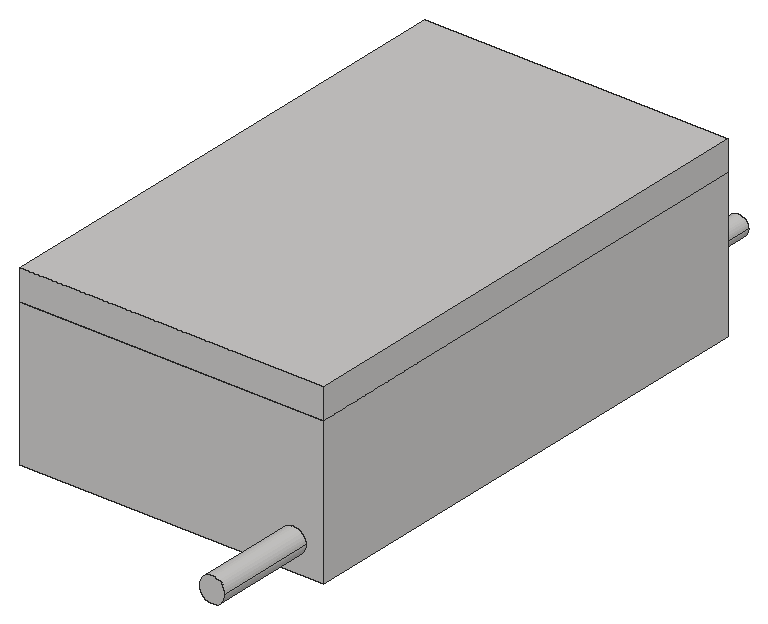
Revit family "DC_Rheem_PLM_940160", category Plumbing Fixtures, host Face, Revit 2020
Family settings
  Host = Face
  Round Connector Dimension = Use Radius
  Part Type = Normal
  Cut with Voids When Loaded = No
  Shared = No
  Room Calculation Point = No
Parameters (values of type "Guardian Warm Water 160L/min nominated flow rate")
  WarmWaterPipeDiameter_ANZRS = WWRadius_ANZRS * 2  # 50 mm
  WWRadius_ANZRS = 25 mm
  URL = "http://www.rheem.com.au/CommercialProducts"
  Type Comments = "temperature range 25-60°C\r\n"
  Model = "940160\r\n"
  Materials_ANZRS = Rheem - Stainless Steel
  Manufacturer = "Rheem"
  HotWaterPipeDiameter_ANZRS = HotWaterSupplyRadius_ANZRS * 2  # 40 mm
  HotWaterSupplyRadius_ANZRS = 20 mm
  DesignBy_ANZRS = "Design Content ©\r\n"
  Description = "Guardian Warm Water 160L/min nominated flow rate\r\n"
  Default Elevation = 0 mm
  ColdWaterPipeDiameter_ANZRS = ColdWaterSupplyRadius_ANZRS * 2  # 40 mm
  ColdWaterSupplyRadius_ANZRS = 20 mm
  BoxWidth_ANZRS = 600 mm
  BoxThickness_ANZRS = 350 mm
  BoxHeight_ANZRS = 1000 mm
  Author_ANZRS = "DM"
  ARMWaterDiameter_ANZRS = ARMRadius_ANZRS * 2  # 40 mm
  ARMRadius_ANZRS = 20 mm
Reference planes
  plane 1 "Center (Front/Back)": y = 0
  plane 2: z = 0
  plane 3 "Center (Left/Right)": x = 0
  plane 4 "W1": x = -300
  plane 5 "W2": x = 300
  plane 6 "H1": y = 1000
  plane 7 "HWS": x = 160
  plane 8 "WWR": x = -10
  plane 9 "CWS": x = -240
  plane 10: z = 350
  plane 11 "THK 1": z = 290
  plane 12 "CD 2": z = 60
  plane 13 "CD 3": z = 120
  plane 14 "L2": y = 1200
  plane 15 "WWF": x = 240
  plane 16 "L1": y = -200
  plane 17 "CD 1": z = 57
Forms (mm)
  Extrusion 1, solid, material "Rheem - Stainless Steel" <- "Materials_ANZRS"
    sketch origin (0, 0, 0) x (1, 0, 0) y (0, 1, 0)
      loop
        line (-300, 1000) -> (-300, 0) -> (300, 0) -> (300, 1000) -> (-300, 1000)
    from 0 to 290
  Extrusion 2, solid, material "Rheem - Stainless Steel" <- "Materials_ANZRS"
    sketch origin (0, 0, 0) x (1, 0, 0) y (0, 1, 0)
      loop
        line (-300, 1000) -> (-300, 0) -> (300, 0) -> (300, 1000) -> (-300, 1000)
    from 290 to 350
  Extrusion 3, solid, material "Rheem - Stainless Steel" <- "Materials_ANZRS"
    sketch origin (0, 0, 0) x (1, 0, 0) y (0, 0, 1)
      loop
        circle (-10, 60) r 20
      loop
        circle (160, 60) r 20
      loop
        circle (-240, 120) r 20
    from -1200 to -1000
  Extrusion 4, solid, material "Rheem - Stainless Steel" <- "Materials_ANZRS"
    sketch origin (46.441, 0, 0) x (1, 0, 0) y (0, 0, 1)
      loop
        circle (193.559, 57) r 25
    from 0 to 200
Lines and regions (mm)
  Masking region 1
    outline origin (0, 0, 0) x (1, 0, 0) y (0, 1, 0)
      loop
        line (300, 0) -> (300, 1000) -> (180, 1000) -> (180, 1200) -> (140, 1200) -> (140, 1000) -> (10, 1000) -> (10, 1200) -> (-30, 1200) -> (-30, 1000) -> (-220, 1000) -> (-220, 1200) -> (-260, 1200) -> (-260, 1000) -> (-300, 1000) -> (-300, 0) -> (215, 0) -> (215, -200) -> (275, -200) -> (275, 0) -> (300, 0)
  Masking region 2
    outline origin (0, 0, 0) x (1, 0, 0) y (0, 0, 1)
      loop
        line (300, 350) -> (-300, 350) -> (-300, 0) -> (300, 0) -> (300, 350)
  Masking region 3
    outline origin (0, 0, 0) x (0, 1, 0) y (0, 0, 1)
      loop
        line (1000, 350) -> (0, 350) -> (0, 82) -> (-200, 82) -> (-200, 32) -> (0, 32) -> (0, 0) -> (1000, 0) -> (1000, 40) -> (1200, 40) -> (1200, 90) -> (1200, 140) -> (1000, 140) -> (1000, 350)
  symbolic lines, style "Rheem - Guardian Warm Water", detail levels fine
    curve 1: line (300, 1000, 0) -> (-300, 1000, 0)
    curve 2: line (-300, 1000, 0) -> (-300, 0, 0)
    curve 3: line (-300, 0, 0) -> (300, 0, 0)
    curve 4: line (300, 0, 0) -> (300, 1000, 0)
    curve 5: line (0, 1000, 0) -> (0, 1000, 290)
    curve 6: line (0, 0, 290) -> (0, 1000, 290)
    curve 7: line (0, 1000, 290) -> (0, 1000, 350)
    curve 8: line (0, 1000, 350) -> (0, 0, 350)
    curve 9: line (0, 0, 350) -> (0, 0, 290)
    curve 10: line (0, 0, 290) -> (0, 0, 0)
    curve 11: line (0, 1200, 80) -> (0, 1000, 80)
    curve 12: line (-300, 0, 0) -> (300, 0, 0)
    curve 13: line (-300, 0, 350) -> (-300, 0, 0)
    curve 14: line (300, 0, 350) -> (-300, 0, 350)
    curve 15: line (300, 0, 0) -> (300, 0, 350)
    curve 16: line (-300, 0, 290) -> (300, 0, 290)
    curve 17: arc (-260, 0, 120) -> (-240, 0, 100) -> (-220, 0, 120) r 20
    curve 18: arc (-220, 0, 120) -> (-240, 0, 140) -> (-260, 0, 120) r 20
    curve 19: arc (-30, 0, 60) -> (-10, 0, 40) -> (10, 0, 60) r 20
    curve 20: arc (10, 0, 60) -> (-10, 0, 80) -> (-30, 0, 60) r 20
    curve 21: arc (140, 0, 60) -> (160, 0, 40) -> (180, 0, 60) r 20
    curve 22: arc (180, 0, 60) -> (160, 0, 80) -> (140, 0, 60) r 20
    curve 23: line (0, 1000, 0) -> (0, 0, 0)
    curve 24: line (0, 1200, 100) -> (0, 1000, 100)
Dimensions and locks
  equal spacing: plane 4 "W1", plane 3 "Center (Left/Right)", plane 5 "W2"
  plane 4 "W1" to plane 5 "W2" = 600 mm
  "BoxHeight_ANZRS": plane 6 "H1" to plane 1 "Center (Front/Back)"
  "BoxThickness_ANZRS": plane 10 to level
  plane 12 "CD 2" to level = 60 mm
  plane 13 "CD 3" to level = 120 mm
  locked: plane 14 "L2" to plane 6 "H1" at 200
  plane 16 "L1" to plane 1 "Center (Front/Back)" = 200 mm
  plane 15 "WWF" to plane 5 "W2" = 60 mm  (x2)
  locked: plane 10 to plane 11 "THK 1" at 60
  "BoxWidth_ANZRS": plane 4 "W1" to plane 5 "W2"
  plane 17 "CD 1" to level = 57 mm
  plane 9 "CWS" to plane 4 "W1" = 60 mm
  plane 8 "WWR" to plane 4 "W1" = 290 mm
  plane 7 "HWS" to plane 4 "W1" = 460 mm
  "ARMRadius_ANZRS": radius of Extrusion 3 sketch curve
  "ColdWaterSupplyRadius_ANZRS": radius of Extrusion 3 sketch curve
  "HotWaterSupplyRadius_ANZRS": radius of Extrusion 3 sketch curve
  "WWRadius_ANZRS": radius of Extrusion 4 sketch curve
  aligned and locked: plane 2 to host face
  aligned and locked: level to host face
  aligned and locked: Extrusion 1 sketch curve to plane 6 "H1"
  aligned and locked: plane 4 "W1" to Extrusion 1 sketch curve
  aligned and locked: Extrusion 1 sketch curve to plane 1 "Center (Front/Back)"
  aligned and locked: Extrusion 1 sketch curve to plane 5 "W2"
  aligned and locked: plane 11 "THK 1" to Extrusion 1
  aligned and locked: Extrusion 2 sketch curve to Extrusion 1  (x4)
  aligned and locked: Extrusion 2 to plane 11 "THK 1"
  aligned and locked: plane 10 to Extrusion 2
  aligned and locked: plane 9 "CWS" to Extrusion 3 sketch curve
  aligned and locked: plane 8 "WWR" to Extrusion 3 sketch curve
  aligned and locked: plane 7 "HWS" to Extrusion 3 sketch curve
  aligned and locked: plane 12 "CD 2" to Extrusion 3 sketch curve  (x2)
  aligned and locked: plane 13 "CD 3" to Extrusion 3 sketch curve
  aligned and locked: Extrusion 3 to plane 6 "H1"
  aligned and locked: plane 14 "L2" to Extrusion 3
  aligned and locked: plane 15 "WWF" to Extrusion 4 sketch curve
  aligned and locked: Extrusion 4 to plane 16 "L1"
  aligned and locked: curve 1 to Extrusion 2
  aligned and locked: curve 2 to Extrusion 2
  aligned and locked: curve 3 to Extrusion 2
  aligned and locked: curve 4 to Extrusion 2
  aligned and locked: curve 5 to Extrusion 1
  aligned and locked: curve 6 to Extrusion 2
  aligned and locked: curve 7 to Extrusion 2
  aligned and locked: curve 8 to Extrusion 2
  aligned and locked: curve 9 to Extrusion 2
  aligned and locked: curve 10 to Extrusion 1
  aligned and locked: curve 12 to Extrusion 1
  aligned and locked: curve 13 to Extrusion 1
  aligned and locked: curve 14 to Extrusion 2
  aligned and locked: curve 15 to Extrusion 2
  aligned and locked: curve 16 to Extrusion 2
  aligned and locked: curve 17 to Extrusion 3
  aligned and locked: curve 18 to Extrusion 3
  aligned and locked: curve 19 to Extrusion 3
  aligned and locked: curve 20 to Extrusion 3
  aligned and locked: curve 21 to Extrusion 3
  aligned and locked: curve 22 to Extrusion 3
  aligned and locked: plane 17 "CD 1" to Extrusion 4 sketch curve
  aligned and locked: Masking region 1 sketch curve to curve 4
  aligned and locked: Masking region 1 sketch curve to curve 3
  aligned and locked: Masking region 1 sketch curve to curve 2
  aligned and locked: Masking region 1 sketch curve to curve 1
  aligned and locked: Masking region 2 sketch curve to curve 14
  aligned and locked: Masking region 2 sketch curve to curve 13
  aligned and locked: Masking region 2 sketch curve to curve 12
  aligned and locked: Masking region 2 sketch curve to curve 15
  aligned and locked: Masking region 3 sketch curve to curve 8
  aligned and locked: Masking region 3 sketch curve to curve 7
  aligned and locked: Masking region 3 sketch curve to curve 23
  aligned and locked: Masking region 3 sketch curve to curve 10
Automatic sketch dimensions
  host sketch curve to host sketch curve = 1451.981 mm
  host sketch curve to host sketch curve = 1779.008 mm
  curve 1 to plane 4 "W1" = 0 mm
  plane 1 "Center (Front/Back)" to curve 3 = 0 mm
  curve 3 to plane 5 "W2" = 0 mm
  curve 2 to plane 6 "H1" = 0 mm
  curve 10 to level = 0 mm
  curve 10 to plane 1 "Center (Front/Back)" = 0 mm
  curve 7 to plane 6 "H1" = 0 mm
  curve 6 to plane 11 "THK 1" = 0 mm
  curve 9 to plane 10 = 0 mm
  curve 24 to plane 13 "CD 3" = 20 mm
  Masking region 1 sketch curve to plane 14 "L2" = 0 mm  (x3)
  Masking region 1 sketch curve to plane 6 "H1" = 0 mm  (x3)
  Masking region 1 sketch curve to plane 16 "L1" = 0 mm
  plane 1 "Center (Front/Back)" to Masking region 1 sketch curve = 0 mm
  plane 9 "CWS" to Masking region 1 sketch curve = 20 mm
  Masking region 1 sketch curve to plane 9 "CWS" = 20 mm
  plane 8 "WWR" to Masking region 1 sketch curve = 20 mm
  Masking region 1 sketch curve to plane 8 "WWR" = 20 mm
  plane 7 "HWS" to Masking region 1 sketch curve = 20 mm
  Masking region 1 sketch curve to plane 7 "HWS" = 20 mm
  plane 15 "WWF" to Masking region 1 sketch curve = 25 mm
  Masking region 1 sketch curve to Masking region 1 sketch curve = 25 mm
  curve 24 to plane 14 "L2" = 0 mm
  curve 11 to plane 14 "L2" = 0 mm
  plane 12 "CD 2" to curve 11 = 20 mm
  Masking region 3 sketch curve to plane 16 "L1" = 0 mm
  Masking region 3 sketch curve to plane 1 "Center (Front/Back)" = 0 mm
  Masking region 3 sketch curve to plane 6 "H1" = 0 mm
  Masking region 3 sketch curve to plane 14 "L2" = 0 mm
  Masking region 3 sketch curve to plane 17 "CD 1" = 25 mm
  plane 12 "CD 2" to Masking region 3 sketch curve = 22 mm
  plane 12 "CD 2" to Masking region 3 sketch curve = 30 mm
  Masking region 3 sketch curve to plane 17 "CD 1" = 17 mm
  plane 13 "CD 3" to Masking region 3 sketch curve = 20 mm
Connectors
  piping at (-240, 1200, 120), diameter 40, driven by "ColdWaterSupplyRadius_ANZRS"
    settings: on Extrusion 3, index 1, connector inside diameter 1.5748", connector length 0 mm, flow factor 0, pipe flow 0 GPM, pressure drop 0.00 psi, fitting loss kfactor 0, connector angle 0.00°, fixture units 0, engagement length 0 mm, angle of deflection 0.00°, flow configuration 1, flow direction 1, fitting loss method 0, system type 20, joint type 0, gender type 0, connector reference index -1, connector utility 0, adjustable connector no, is connector primary yes, connector description ""
  piping at (-10, 1200, 60), diameter 40, driven by "ARMRadius_ANZRS"
    settings: on Extrusion 3, index 2, connector inside diameter 1.5748", connector length 0 mm, flow factor 0, pipe flow 0 GPM, pressure drop 0.00 psi, fitting loss kfactor 0, connector angle 0.00°, fixture units 0, engagement length 0 mm, angle of deflection 0.00°, flow configuration 1, flow direction 1, fitting loss method 0, system type 19, joint type 0, gender type 0, connector reference index -1, connector utility 0, adjustable connector no, is connector primary no, connector description ""
  piping at (160, 1200, 60), diameter 40, driven by "HotWaterSupplyRadius_ANZRS"
    settings: on Extrusion 3, index 3, connector inside diameter 1.5748", connector length 0 mm, flow factor 0, pipe flow 0 GPM, pressure drop 0.00 psi, fitting loss kfactor 0, connector angle 0.00°, fixture units 0, engagement length 0 mm, angle of deflection 0.00°, flow configuration 1, flow direction 2, fitting loss method 0, system type 19, joint type 0, gender type 0, connector reference index -1, connector utility 0, adjustable connector no, is connector primary no, connector description ""
  piping at (240, -200, 57), diameter 50, driven by "WWRadius_ANZRS"
    settings: on Extrusion 4, index 4, connector inside diameter 1.9685", connector length 0 mm, flow factor 0, pipe flow 0 GPM, pressure drop 0.00 psi, fitting loss kfactor 0, connector angle 0.00°, fixture units 0, engagement length 0 mm, angle of deflection 0.00°, flow configuration 1, flow direction 2, fitting loss method 0, system type 19, joint type 0, gender type 0, connector reference index -1, connector utility 0, adjustable connector no, is connector primary no, connector description ""
